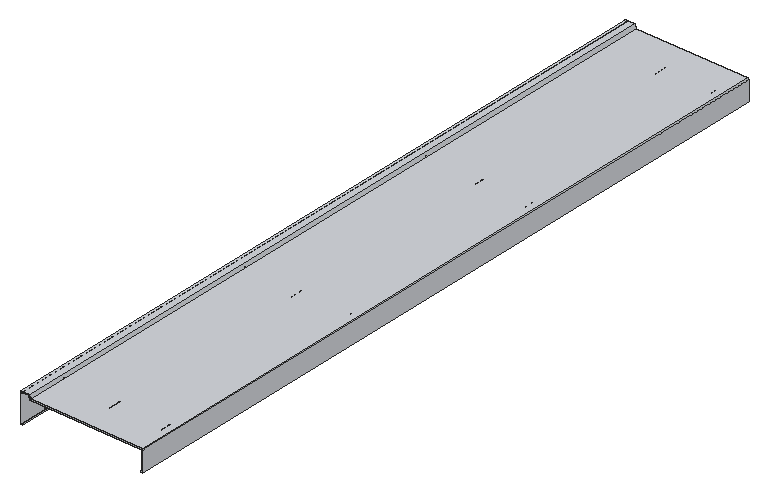
Revit family "ATBB325", category 一般モデル, Revit 2020
Family settings
  鉄筋をホスト可能 = いいえ
  丸型コネクタ寸法 = 直径を使用
  パーツ タイプ = 標準
  作業面ベース = いいえ
  常に垂直 = はい
  ロード時にボイドで切り取り = いいえ
  共有 = いいえ
  部屋計算ポイント = いいえ
Parameters
  笠木長さ [instance] = 2000 mm
  既定の高さ = 0 mm
  定尺笠木長さ = 4000 mm
  固定金具数 [instance] = 4
  判定 [instance] = if(笠木長さ > 4000 mm, 定尺笠木長さ, 笠木長さ)  # 2000 mm
Reference planes
  plane 1 "中心(正面/背面)": y = 0
  plane 2: z = 0
  plane 3 "中心(左/右)": x = 0
  plane 4: y = -2000
  plane 5: y = -100
  plane 6: y = -1900
  plane 7: z = -43
  plane 8: x = -162.5
  plane 9: x = 162.5
Forms (mm)
  Extrusion 1, solid
    sketch origin (-852, 0, -949.716) x (1, 0, 0) y (0, 0, 1)
      loop
        arc (691.592, 986.62) -> (690.119, 986.068) -> (689.5, 984.622) r 2
        line (689.5, 984.622) -> (689.5, 906.716) -> (696.2, 906.716) -> (696.2, 909.516) -> (692.1, 909.516) -> (692.1, 981.875)
        arc (692.1, 981.875) -> (692.705, 983.333) -> (694.179, 983.898) r 2
        line (694.179, 983.898) -> (696.044, 983.811) -> (710.767, 983.132)
        arc (710.767, 983.132) -> (711.995, 982.647) -> (712.654, 981.503) r 2
        line (712.654, 981.503) -> (714.345, 972.967) -> (1009.968, 959.323)
        arc (1009.968, 959.323) -> (1011.338, 958.714) -> (1011.9, 957.324) r 2
        line (1011.9, 957.324) -> (1011.9, 909.516) -> (1007.8, 909.516) -> (1007.8, 906.716) -> (1014.5, 906.716) -> (1014.5, 959.826)
        arc (1014.5, 959.826) -> (1013.935, 961.2) -> (1012.578, 961.805) r 2
        line (1012.578, 961.805) -> (716.5, 975.47) -> (714.5, 985.562) -> (691.592, 986.62)
    from 0 to 2000
  Extrusion 2, solid, not visible
    sketch origin (1.117, 0, -150.852) x (1, 0, 0) y (0, 0, 1)
      loop
        arc (691.592, 986.62) -> (690.119, 986.068) -> (689.5, 984.622) r 2
        line (689.5, 984.622) -> (689.5, 906.716) -> (696.2, 906.716) -> (696.2, 909.516) -> (692.1, 909.516) -> (692.1, 981.875)
        arc (692.1, 981.875) -> (692.705, 983.333) -> (694.179, 983.898) r 2
        line (694.179, 983.898) -> (696.044, 983.811) -> (710.767, 983.132)
        arc (710.767, 983.132) -> (711.995, 982.647) -> (712.654, 981.503) r 2
        line (712.654, 981.503) -> (714.345, 972.967) -> (1009.968, 959.323)
        arc (1009.968, 959.323) -> (1011.338, 958.714) -> (1011.9, 957.324) r 2
        line (1011.9, 957.324) -> (1011.9, 909.516) -> (1007.8, 909.516) -> (1007.8, 906.716) -> (1014.5, 906.716) -> (1014.5, 959.826)
        arc (1014.5, 959.826) -> (1013.935, 961.2) -> (1012.578, 961.805) r 2
        line (1012.578, 961.805) -> (716.5, 975.47) -> (714.5, 985.562) -> (691.592, 986.62)
    from 0 to 250
Dimensions and locks
  "笠木長さ": plane 4 to plane 1 "中心(正面/背面)"
  locked: plane 5 to plane 1 "中心(正面/背面)" at 100
  locked: plane 6 to plane 4 at 100
  locked: plane 7 to plane 2 at 43
  locked: plane 8 to plane 3 "中心(左/右)" at 162.5
  plane 9 to plane 3 "中心(左/右)" = 162.5 mm
  "判定": Extrusion 1 to plane 1 "中心(正面/背面)"
  locked: nested 1 to plane 5 at 25
  equal spacing: group 2, group 4, group 5, group 3  (x2)
  equal spacing: group 3, group 5, group 4, group 2
  locked: nested 2 to plane 6 at 25
  aligned and locked: level to plane 2
  aligned and locked: plane 7 to Extrusion 1
  aligned and locked: Extrusion 1 to plane 8
  aligned and locked: plane 4 to Extrusion 1
Automatic sketch dimensions
  Extrusion 1 sketch curve to plane 7 = 0 mm  (x2)
  Extrusion 1 sketch curve to plane 8 = 0 mm
  plane 8 to Extrusion 1 sketch curve = 2 mm
  plane 8 to Extrusion 1 sketch curve = 2.6 mm
  Extrusion 1 sketch curve to Extrusion 1 sketch curve = 2 mm
  Extrusion 1 sketch curve to Extrusion 1 sketch curve = 0.079 mm  (x2)
  Extrusion 1 sketch curve to Extrusion 1 sketch curve = 4.1 mm
  Extrusion 1 sketch curve to Extrusion 1 sketch curve = 16.588 mm
  Extrusion 1 sketch curve to Extrusion 1 sketch curve = 1.966 mm
  Extrusion 1 sketch curve to Extrusion 1 sketch curve = 1.692 mm
  Extrusion 1 sketch curve to Extrusion 1 sketch curve = 3.733 mm
  Extrusion 1 sketch curve to Extrusion 1 sketch curve = 2.154 mm
  Extrusion 1 sketch curve to plane 7 = 2.8 mm  (x2)
  Extrusion 1 sketch curve to plane 9 = 6.7 mm
  Extrusion 1 sketch curve to plane 9 = 4.6 mm
  Extrusion 1 sketch curve to Extrusion 1 sketch curve = 0.068 mm
  Extrusion 1 sketch curve to plane 9 = 2.6 mm
  Extrusion 1 sketch curve to plane 9 = 2 mm
  Extrusion 1 sketch curve to plane 9 = 1.921 mm
  Extrusion 1 sketch curve to plane 9 = 0 mm
  level to Extrusion 1 sketch curve = 7.608 mm
  Extrusion 1 sketch curve to Extrusion 1 sketch curve = 1.999 mm
  Extrusion 1 sketch curve to Extrusion 1 sketch curve = 2.483 mm
  Extrusion 1 sketch curve to Extrusion 1 sketch curve = 0.019 mm
  level to Extrusion 1 sketch curve = 23.251 mm
  Extrusion 1 sketch curve to Extrusion 1 sketch curve = 2.503 mm
  Extrusion 1 sketch curve to Extrusion 1 sketch curve = 5.663 mm
  Extrusion 1 sketch curve to Extrusion 1 sketch curve = 0.37 mm
  Extrusion 1 sketch curve to Extrusion 1 sketch curve = 0.742 mm
  Extrusion 1 sketch curve to Extrusion 1 sketch curve = 0.024 mm
  Extrusion 1 sketch curve to Extrusion 1 sketch curve = 0.724 mm
  Extrusion 1 sketch curve to Extrusion 1 sketch curve = 2.43 mm
  plane 8 to Extrusion 1 sketch curve = 0 mm
  Extrusion 1 sketch curve to Extrusion 1 sketch curve = 0.092 mm
  Extrusion 1 sketch curve to Extrusion 1 sketch curve = 0 mm  (x6)
  Extrusion 1 sketch curve to Extrusion 1 sketch curve = 1.866 mm
  Extrusion 1 sketch curve to Extrusion 1 sketch curve = 0.086 mm
Nested families
  nested 1: "ATAF325" at (0, -75, 0), type "ATAF325"
  nested 2: "ATAF325" at (0, -1875, 0), type "ATAF325"
  nested 3: "ATAF325" at (0, -675, 0), type "ATAF325"
  nested 4: "ATAF325" at (0, -1275, 0), type "ATAF325"
Definition of nested family "ATAF325"
  Parameters
    Default Elevation = 0 mm
  Reference planes
    plane 1 "中心(正面/背面)": y = 0
    plane 2: z = 0
    plane 3 "中心(左/右)": x = 0
  Forms (mm)
    Extrusion 1, solid
      sketch origin (-198.644, 0, -162.038) x (1, 0, 0) y (0, 0, 1)
        loop
          line (358.944, 123.238) -> (358.944, 131.062) -> (349.144, 171.438) -> (327.144, 172.398) -> (327.144, 169.172)
          arc (327.144, 169.172) -> (326.478, 167.682) -> (324.923, 167.184) r 2
          line (324.923, 167.184) -> (309.127, 168.938) -> (292.497, 168.938) -> (254.074, 168.898) -> (248.694, 165.838) -> (208.644, 165.838) -> (208.644, 168.838) -> (207.144, 168.838) -> (207.144, 165.838) -> (201.294, 165.838)
          arc (201.294, 165.838) -> (200.233, 166.277) -> (199.794, 167.338) r 1.5
          line (199.794, 167.338) -> (199.794, 174.012)
          arc (199.794, 174.012) -> (200.256, 175.095) -> (201.357, 175.511) r 1.5
          line (201.357, 175.511) -> (208.644, 175.175) -> (208.644, 177.478) -> (198.644, 177.938) -> (188.644, 178.398) -> (188.644, 176.095) -> (196.069, 175.754)
          arc (196.069, 175.754) -> (197.081, 175.289) -> (197.494, 174.256) r 1.5
          line (197.494, 174.256) -> (197.494, 167.338)
          arc (197.494, 167.338) -> (197.055, 166.277) -> (195.994, 165.838) r 1.5
          line (195.994, 165.838) -> (190.144, 165.838) -> (190.144, 168.838) -> (188.644, 168.838) -> (188.644, 165.837) -> (148.444, 165.878) -> (143.064, 168.938) -> (100.203, 168.937) -> (88.124, 168.935) -> (77.679, 167.542)
          arc (77.679, 167.542) -> (74.511, 168.495) -> (73.144, 171.506) r 4
          line (73.144, 171.506) -> (73.137, 179.049) -> (72.144, 183.658) -> (48.144, 185.338) -> (38.344, 129.354) -> (38.344, 127.038)
          arc (38.344, 127.038) -> (38.044, 126.738) -> (38.344, 126.438) r 0.3
          line (38.344, 126.438) -> (39.134, 126.438) -> (39.134, 125.038) -> (38.344, 125.038)
          arc (38.344, 125.038) -> (38.044, 124.738) -> (38.344, 124.438) r 0.3
          line (38.344, 124.438) -> (38.344, 123.238) -> (40.643, 123.238) -> (40.649, 125.416) -> (50.811, 177.366)
          arc (50.811, 177.366) -> (52.118, 179.47) -> (54.489, 180.182) r 3.5
          line (54.489, 180.182) -> (65.953, 179.38)
          arc (65.953, 179.38) -> (67.938, 178.433) -> (68.744, 176.387) r 3
          line (68.744, 176.387) -> (68.712, 162.038) -> (331.644, 162.038) -> (331.644, 165.749)
          arc (331.644, 165.749) -> (332.807, 167.186) -> (334.591, 167.669) r 3
          line (334.591, 167.669) -> (343.536, 167.278)
          arc (343.536, 167.278) -> (345.572, 166.512) -> (346.763, 164.691) r 3.5
          line (346.763, 164.691) -> (356.644, 127.948) -> (356.644, 123.238) -> (358.944, 123.238)
      from 0 to 50
  Dimensions and locks
    Extrusion 1 to plane 3 "中心(左/右)" = 160.3 mm
    Extrusion 1 to level = 0 mm
    aligned and locked: level to plane 2
